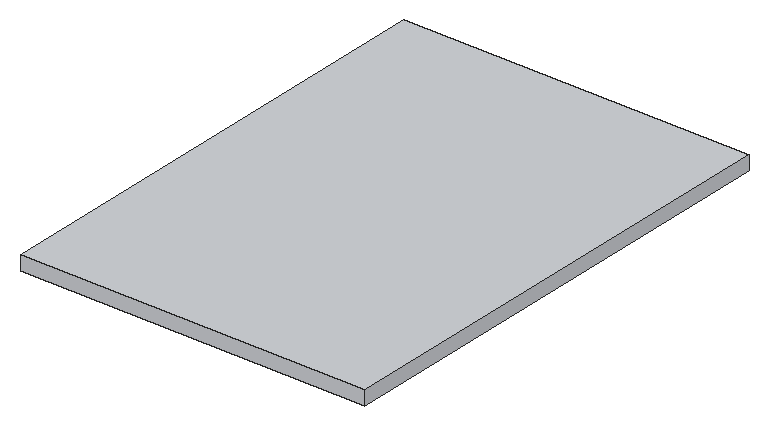
Revit family "MLS2-I", category Lighting Fixtures, host Face, Revit 2019
Family settings
  Host = Face
  Round Connector Dimension = Use Diameter
  Part Type = Normal
  OmniClass Number = 23.80.70.11
  OmniClass Title = Luminaries for Internal Lighting
  Cut with Voids When Loaded = No
  Light Source = Yes
  Shared = No
  Room Calculation Point = No
Parameters
  Final Hanging Points [instance] = if(Fixture Length > 12' 0", 3, No of Hanging Points)  # 2
  No of Hanging Points [instance] = 2
  Emit from Rectangle Width = 2' - 0"
  Emit from Rectangle Length = 4' - 0"
  Emit Shape Visible in Rendering = no
  Default Elevation [instance] = 4' - 0"
  Cable Suspension [instance] = 2' - 0"
  Wattage Comments = ""
  Wattage = 7.40531 W
  built-in parameter 1150110 = 1 (stored number, unit not read)
  Voltage Comment = "120/277 UNV Volt"
  Voltage [instance] = 120 V
  URL = "https://mercltg.com/product/mls2-i/"
  built-in parameter 1114217 = 1 (stored number, unit not read)
  Tilt Angle = 90.00°
  built-in parameter 1150109 = 1 (stored number, unit not read)
  built-in parameter 1150134 = (empty or 0)
  built-in parameter 1150113 = 1 (stored number, unit not read)
  No of Poles [instance] = 1
  Model = "MLS2-I"
  Manufacturer = "Mercury Lighting"
  Load Classifcation = Lighting
  Load [instance] = 0 W
  Photometric Web File = "MER12422266.03-MLS2-I-48-3700-925-LMFT-35K-BW-A401-U (2).ies"
  Lumens = 1100 lm
  built-in parameter 1150115 = 1 (stored number, unit not read)
  built-in parameter 1150105 = 87.535 (stored number, unit not read)
  built-in parameter 1150137 = (empty or 0)
  built-in parameter 1150139 = (empty or 0)
  Lens = Acrylic
  built-in parameter 1150112 = 1 (stored number, unit not read)
  built-in parameter 1150114 = 1 (stored number, unit not read)
  Lamp = "LED"
  built-in parameter 1150132 = 2
  built-in parameter 1150102 = (empty or 0)
  built-in parameter 1150138 = (empty or 0)
  built-in parameter 1150107 = 3000 (stored number, unit not read)
  built-in parameter 1150106 = 0.87535 (stored number, unit not read)
  Housing = Metal, Paint Finish, White, Matte
  Fixture Length [instance] = 4' - 0"
  Fixture width = 0' - 2"
  built-in parameter 1150104 = 13.8 (stored number, unit not read)
  Dimming Lamp Color Temperature Shift = (empty or 0)
  Color Filter = 16777215
  built-in parameter 1114218 = 1 (stored number, unit not read)
  built-in parameter 1150133 = 10 (stored number, unit not read)
  Apparent Load = 0 VA
Reference planes (in)
  plane 1 "Light Source Axis (F/B)": y = 0
  plane 2 "Ceiling": z = 0
  plane 3 "Light Source Axis (L/R)": x = 0
  plane 4 "Light Source Elevation": z = -24.5
  plane 5: x = 24
  plane 6: x = -24
  plane 7: x = 23.9375
  plane 8: x = -23.9375
  plane 9: z = -24
  plane 10: x = -23.5
  plane 11: x = 23.5
  plane 12: z = 0
Forms (in)
  Extrusion 1, solid, material "Metal, Paint Finish, White, Matte" <- "Housing"
    sketch origin (0, 0, -2.25) x (0, 1, 0) y (0, 0, 1)
      loop
        line (1, -21.75) -> (-1, -21.75) -> (-1, -23.875) -> (1, -23.875) -> (1, -21.75)
    from -24 to 24
  Extrusion 2, solid
    sketch origin (0, 0, 0) x (0, 1, 0) y (0, 0, 1)
      loop
        line (-0.9375, -24) -> (-0.9375, -24.5) -> (0.9375, -24.5) -> (0.9375, -24) -> (-0.9375, -24)
    from -23.9375 to 23.9375
  Extrusion 3, solid, material "Acrylic" <- "Lens"
    sketch origin (0, 0, 0) x (0, 1, 0) y (0, 0, 1)
      loop
        line (-0.9375, -24) -> (-0.9375, -24.125) -> (0.9375, -24.125) -> (0.9375, -24) -> (-0.9375, -24)
    from -23.9375 to 23.9375
  Extrusion 4, solid
    sketch origin (0, 0, 0) x (1, 0, 0) y (0, 1, 0)
      loop
        line (-148, -206) -> (148, -206) -> (148, 206) -> (-148, 206) -> (-148, -206)
    from 0 to 12
Dimensions and locks (in)
  equal spacing: Extrusion 1 sketch curve, imposter light, Extrusion 1 sketch curve
  "Fixture width": Extrusion 1 sketch curve to Extrusion 1 sketch curve
  equal spacing: plane 5, plane 3 "Light Source Axis (L/R)", plane 6
  "Fixture Length": plane 5 to plane 6
  locked: plane 8 to plane 6 at 0.0625
  locked: plane 7 to plane 5 at 0.0625
  "Cable Suspension": plane 2 "Ceiling" to plane 9
  locked: plane 10 to plane 6 at 0.5
  locked: plane 5 to plane 11 at 0.5
  locked: Extrusion 3 sketch curve to Extrusion 3 sketch curve at 0.125
  group 1 to group 2 = 3' - 11"
  group 1 to group 2 = 0' - 0"  (x2)
  locked: Extrusion 1 sketch curve to Extrusion 1 sketch curve at 2.125
  locked: Extrusion 1 to Extrusion 2 sketch curve at 0.0625
  locked: Extrusion 2 sketch curve to Extrusion 1 at 0.0625
  locked: plane 9 to plane 4 "Light Source Elevation" at 0.5
  aligned and locked: plane 3 "Light Source Axis (L/R)" to imposter light
  aligned and locked: plane 1 "Light Source Axis (F/B)" to imposter light
  aligned and locked: plane 4 "Light Source Elevation" to imposter light
  aligned and locked: plane 5 to Extrusion 1
  aligned and locked: Extrusion 1 to plane 6
  aligned and locked: plane 1 "Light Source Axis (F/B)" to nested 1
  aligned and locked: plane 10 to nested 1
  aligned and locked: plane 7 to Extrusion 2
  aligned and locked: Extrusion 2 to plane 8
  aligned and locked: Extrusion 2 sketch curve to plane 9
  aligned and locked: Extrusion 2 sketch curve to plane 4 "Light Source Elevation"
  aligned and locked: Extrusion 3 sketch curve to Extrusion 2  (x3)
  aligned and locked: plane 7 to Extrusion 3
  aligned and locked: Extrusion 3 to plane 8
  aligned and locked: plane 11 to nested 2
Automatic sketch dimensions
  Extrusion 4 sketch curve to Extrusion 4 sketch curve = 24' - 8"
  Extrusion 4 sketch curve to Extrusion 4 sketch curve = 34' - 4"
  plane 9 to Extrusion 1 sketch curve = 0' - 0"
Nested families (in)
  nested 1: "Round Canopy" at (-23.5, 0, 0), Cord Height <- "Cable Suspension", type "Round Canopy"
    with Default Elevation 4' - 0", Cord Height 2' - 0", Canopy Width 0' - 1"
  nested 2: "Round Canopy" at (23.5, 0, 0), Cord Height <- "Cable Suspension", type "Round Canopy"
    with Default Elevation 4' - 0", Cord Height 2' - 0", Canopy Width 0' - 1"
Connectors (in)
  electrical at (-23.5, 0, 0), driven by "No of Poles", driven by "Load Classifcation", driven by "Voltage", driven by "Load"
    settings: on nested 1, index 1, voltage 120 V, apparent load 0 VA, apparent load phase1 0 VA, apparent load phase2 0 VA, apparent load phase3 0 VA, power factor 1, load classification "Lighting", number of poles 1, system type 31, power factor state 1, is connector primary yes, connector utility no, sub classification motor no, connector description ""
Definition of nested family "Round Canopy"
  Parameters (values of type "Round Canopy")
    Default Elevation [instance] = 4' - 0"
    Cord Height [instance] = 1' - 0"
    Canopy Width [instance] = 0' - 1"
  Reference planes (in)
    plane 1 "Center (Front/Back)": y = 0
    plane 2 "Ceiling": z = 0
    plane 3 "Center (Left/Right)": x = 0
    plane 4: z = 0
  Forms (in)
    Revolve 1, solid
      sketch origin (0, 0, 0) x (1, 0, 0) y (0, 0, 1)
        loop
          line (0.1679, -12) -> (0.1679, -10.8) -> (0.03125, -10.8) -> (0.03125, -1.57425) -> (0.20625, -1.57425) -> (0.20625, -0.37425) -> (1, -0.37425) -> (1, 0) -> (0, 0) -> (0, -12) -> (0.1679, -12)
        axis (0, 0) -> (0, -12)
      angle from 0 to 360
    Extrusion 2, solid
      sketch origin (0, 0, 0) x (1, 0, 0) y (0, 1, 0)
        loop
          line (-60, -60) -> (60, -60) -> (60, 60) -> (-60, 60) -> (-60, -60)
      from 0 to 12
  Dimensions and locks (in)
    Revolve 1 sketch curve to Revolve 1 sketch curve to Revolve 1 sketch curve = 0' - 0.13665" locked, 0' - 0 1/32" locked
    locked: Revolve 1 sketch curve to Revolve 1 sketch curve at 1.2  (x2)
    locked: Revolve 1 sketch curve to Revolve 1 sketch curve at 0.175
    locked: Revolve 1 sketch curve to Revolve 1 sketch curve at 0.37425
    "Cord Height": Revolve 1 to Revolve 1
    "Canopy Width": Revolve 1 sketch curve to Revolve 1 sketch curve
    aligned and locked: Revolve 1 sketch curve to plane 3 "Center (Left/Right)"
  Automatic sketch dimensions
    Revolve 1 sketch curve to plane 2 "Ceiling" = 0' - 0"  (x2)
    Revolve 1 sketch curve to plane 3 "Center (Left/Right)" = 0' - 0"
    Revolve 1 sketch curve to Revolve 1 sketch curve = 0' - 9.22575"
    Revolve 1 sketch curve to Revolve 1 sketch curve = 0' - 10.47575"
    Extrusion 2 sketch curve to Extrusion 2 sketch curve = 10' - 0"  (x2)
